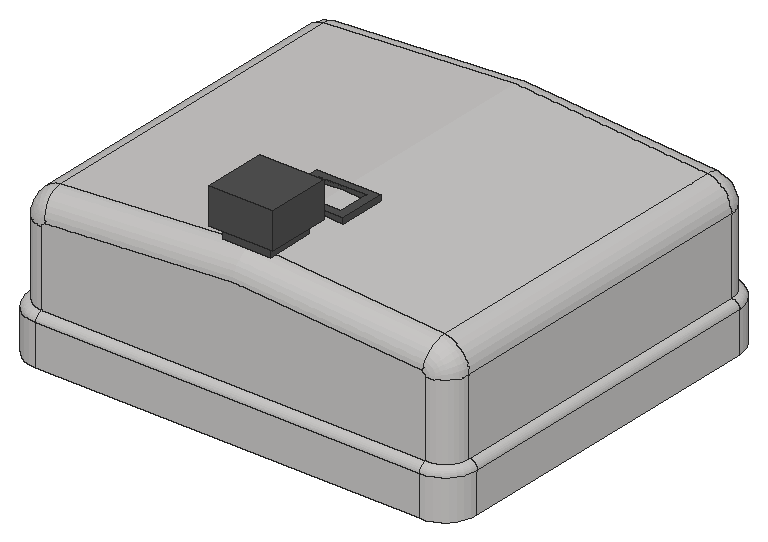
Revit family
Parameters (values of type "B-4112")
  offset [instance] = 0' - 0"
  Warranty Duration (Years) = 0
  Unit Width = 0' - 7"
  Unit Height = 0' - 6 1/8"
  Unit Depth = 0' - 2 9/16"
  URL = "http://www.bobrick.com/Pages/default.aspx"
  Specification = ""
  SpecWizard = ""
  Send Message = "http://www.arcat.com/users.pl?action=UserEmail&company=Bobrick+Washroom+Equipment,+Inc.&coid=30988&rep=156&fax=818-503-1930&mf="
  Sales Information = "http://www.bobrick.com/Pages/ContactUs.aspx"
  Revision = "R1_10-2012"
  Product Properties = ""
  Product Data = "http://arcat.com/arcatcos/cos30/arc30988.html?isac=1&r=1"
  Mounting Height [instance] = 3' - 9"
  Model = "B-4112"
  Manufacturer Website = "http://www.bobrick.com/Pages/default.aspx"
  Manufacturer Phone - Toll Free = ""
  Manufacturer Phone = "818-764-1000"
  Manufacturer Fax = "818-503-1930"
  Manufacturer Address = "11611 Hart St. North Hollywood, CA 91605-5882"
  Manufacturer = "Bobrick Washroom Equipment, Inc."
  Maintenance Schedule (Months) = 0
  Keynote = "102813"
  Installation-Fabrication = "http://www.bobrick.com/washroomaccessories/Pages/WashroomAccessories.aspx"
  Installation Phase = ""
  Green Building-LEED = ""
  Finish Material = Stainless Steel - Bobrick - Satin
  Expected Lifespan (Years) = 0
  Drawn By = "Sumex Design, Inc. / Robert S. Weygant, CSI, CDT, SCIP"
  Description = "Bobrick B-4112 Contura Series Surface Mounted Soap Dispenser"
  Default Elevation = 4' - 0"
  Copyright = "©Arcat Inc."
  Construction Details = ""
  Capacity = "40 fl oz"
  Assembly Code = "E1090900"
  Accessory Material = Paint - Bobrick - Black
Reference planes (in)
  plane 1 "Center (Front/Back)": y = 11.48625
  plane 2 "Bottom": z = 0
  plane 3 "Center (Left/Right)": x = 0
  plane 4 "Front": y = 8.42375
  plane 5 "Back": y = 14.54875
  plane 6 "Left": x = -3.5
  plane 7 "Right": x = 3.5
  plane 8 "Top": z = 2.5625
  plane 9 "FF": y = -30.45125
Forms (in)
  Sweep 1, solid, material "Stainless Steel - Bobrick - Satin" <- "Finish Material"
    path origin (0, 0, 0) x (1, 0, 0) y (0, 1, 0)
      loop
        arc (-3, 14.54875) -> (-3.35355, 14.4023) -> (-3.5, 14.04875) r 0.5
        line (-3.5, 14.04875) -> (-3.5, 8.92375)
        arc (-3.5, 8.92375) -> (-3.35355, 8.5702) -> (-3, 8.42375) r 0.5
        line (-3, 8.42375) -> (3, 8.42375)
        arc (3, 8.42375) -> (3.35355, 8.5702) -> (3.5, 8.92375) r 0.5
        line (3.5, 8.92375) -> (3.5, 14.04875)
        arc (3.5, 14.04875) -> (3.35355, 14.4023) -> (3, 14.54875) r 0.5
        line (3, 14.54875) -> (-3, 14.54875)
    profile origin (0, 14.54875, 0) x (0, 1, 0) y (0, 0, 1)
      loop
        arc (0, 0.625) -> (-0.03661, 0.71339) -> (-0.125, 0.75) r 0.125
        line (-0.125, 0.75) -> (-0.125, 0) -> (0, 0) -> (0, 0.625)
  Extrusion 2, solid, material "Paint - Bobrick - Black" <- "Accessory Material"
    sketch origin (0, 0, 0) x (1, 0, 0) y (0, 1, 0)
      loop
        line (-0.5, 9.67447) -> (-0.5, 8.67375) -> (0.5, 8.67375) -> (0.5, 9.67447) -> (-0.5, 9.67447)
    from 2.75 to 3.3125
  Extrusion 3, solid, material "Paint - Bobrick - Black" <- "Accessory Material"
    sketch origin (0, 0, 0) x (1, 0, 0) y (0, 1, 0)
      loop
        line (-0.5, 10.04947) -> (0.5, 10.04947) -> (0.5, 10.79947) -> (-0.5, 10.79947) -> (-0.5, 10.04947)
      loop
        line (-0.375, 10.17447) -> (0.375, 10.17447) -> (0.375, 10.67447) -> (-0.375, 10.67447) -> (-0.375, 10.17447)
    from 2.46349 to 2.61084
  Extrusion 4, solid, material "Paint - Bobrick - Black" <- "Accessory Material"
    sketch origin (0, 0, 2.61084) x (1, 0, 0) y (0, 1, 0)
      loop
        line (-0.375, 9.54875) -> (-0.375, 8.79863) -> (0.375, 8.79863) -> (0.375, 9.54875) -> (-0.375, 9.54875)
    from -0.04834 to 0.15968
  Sweep 5, solid, material "Stainless Steel - Bobrick - Satin" <- "Finish Material"
    path origin (0, 11.48625, 0) x (1, 0, 0) y (0, 0, 1)
      loop
        line (-3.375, 0) -> (-3.375, 1.922)
        arc (-3.375, 1.922) -> (-3.26745, 2.2093) -> (-2.99768, 2.35534) r 0.4375
        arc (-2.99768, 2.35534) -> (0, 2.5625) -> (2.99768, 2.35534) r 21.79256
        arc (2.99768, 2.35534) -> (3.26745, 2.2093) -> (3.375, 1.922) r 0.4375
        line (3.375, 1.922) -> (3.375, 0)
    profile origin (-3.375, 11.48625, 0.961) x (-1, 0, 0) y (0, -1, 0)
      loop
        line (0, -2.5625) -> (0, 2.5625)
        arc (0, 2.5625) -> (-0.10983, 2.82767) -> (-0.375, 2.9375) r 0.375
        line (-0.375, 2.9375) -> (-0.40625, 2.9375) -> (-0.40625, -2.9375) -> (-0.375, -2.9375)
        arc (-0.375, -2.9375) -> (-0.10983, -2.82767) -> (0, -2.5625) r 0.375
  Extrusion 6, solid, material "Stainless Steel - Bobrick - Satin" <- "Finish Material"
    sketch origin (0, 11.48625, 0) x (1, 0, 0) y (0, 0, 1)
      loop
        line (-2.96875, 0) -> (2.96875, 0) -> (2.96875, 1.922)
        arc (2.96875, 1.922) -> (2.96107, 1.94252) -> (2.9418, 1.95295) r 0.03125
        arc (2.9418, 1.95295) -> (0, 2.15625) -> (-2.9418, 1.95295) r 21.38631
        arc (-2.9418, 1.95295) -> (-2.96107, 1.94252) -> (-2.96875, 1.922) r 0.03125
        line (-2.96875, 1.922) -> (-2.96875, 0)
    from -2.9375 to 2.9375
Cuts and joins
  joined: Sweep 5, Extrusion 6
Dimensions and locks (in)
  equal spacing: plane 6 "Left", plane 3 "Center (Left/Right)", plane 7 "Right"
  "Unit Width": plane 6 "Left" to plane 7 "Right"
  equal spacing: plane 5 "Back", plane 1 "Center (Front/Back)", plane 4 "Front"
  "Unit Height": plane 5 "Back" to plane 4 "Front"
  "Unit Depth": plane 8 "Top" to level
  "Mounting Height": plane 5 "Back" to plane 9 "FF"
  Extrusion 2 sketch curve to Extrusion 2 sketch curve to plane 4 "Front" = 0' - 1.00072" locked, 0' - 0 1/4" locked
  Extrusion 4 sketch curve to Extrusion 4 sketch curve to plane 4 "Front" = 0' - 0.75012" locked, 0' - 0.37488" locked
  Extrusion 3 sketch curve to Extrusion 3 sketch curve to Extrusion 3 sketch curve to Extrusion 3 sketch curve to plane 4 "Front" = 0' - 0 1/8" locked, 0' - 0 1/2" locked, 0' - 0 1/8" locked, 0' - 1.62572" locked
  aligned and locked: Sweep 1 sketch curve to plane 5 "Back"
  aligned and locked: Sweep 1 sketch curve to plane 7 "Right"
  aligned and locked: Extrusion 4 to plane 8 "Top"
Automatic sketch dimensions
  Extrusion 2 sketch curve to plane 3 "Center (Left/Right)" = 0' - 0 1/2"
  plane 3 "Center (Left/Right)" to Extrusion 2 sketch curve = 0' - 0 1/2"
  Extrusion 3 sketch curve to plane 3 "Center (Left/Right)" = 0' - 0 1/2"
  plane 3 "Center (Left/Right)" to Extrusion 3 sketch curve = 0' - 0 1/2"
  Sweep 1 sketch curve to plane 6 "Left" = 0' - 0"
  Sweep 1 sketch curve to plane 4 "Front" = 0' - 0"
  plane 6 "Left" to Sweep 1 sketch curve = 0' - 0 1/2"  (x2)
  Sweep 1 sketch curve to plane 7 "Right" = 0' - 0 1/2"  (x2)
  Sweep 1 sketch curve to level = 0' - 0"
  profile plane to Sweep 1 sketch curve = 0' - 0 1/8"
  Sweep 1 sketch curve to profile plane = 0' - 0"
  level to Sweep 1 sketch curve = 0' - 0 5/8"
  Extrusion 3 sketch curve to Extrusion 3 sketch curve = 0' - 0 1/8"  (x2)
  Extrusion 3 to Extrusion 4 sketch curve = 0' - 0"
  Extrusion 4 sketch curve to Extrusion 3 = 0' - 0"
  Sweep 5 sketch curve to level = 0' - 0"  (x2)
  Sweep 5 sketch curve to plane 3 "Center (Left/Right)" = 0' - 0"
  plane 6 "Left" to Sweep 5 sketch curve = 0' - 0 9/16"
  Sweep 5 sketch curve to plane 8 "Top" = 0' - 0.20716"  (x2)
  Sweep 5 sketch curve to Sweep 5 sketch curve = 0' - 0.06018"  (x2)
  Sweep 5 sketch curve to Sweep 5 sketch curve = 0' - 0"
  Sweep 5 sketch curve to Sweep 5 sketch curve = 0' - 0 7/16"
  Sweep 5 sketch curve to plane 7 "Right" = 0' - 0 9/16"
  Sweep 5 sketch curve to profile plane = 0' - 0"
  profile plane to Sweep 5 sketch curve = 0' - 0 3/8"
  Sweep 5 sketch curve to plane 1 "Center (Front/Back)" = 0' - 2 15/16"
  plane 1 "Center (Front/Back)" to Sweep 5 sketch curve = 0' - 2 9/16"
  Sweep 5 sketch curve to Sweep 5 sketch curve = 0' - 0 3/8"
  Sweep 5 sketch curve to Sweep 5 sketch curve = 0' - 0 1/32"
  Extrusion 6 sketch curve to plane 3 "Center (Left/Right)" = 0' - 0"
  Extrusion 6 sketch curve to level = 0' - 0"
  plane 6 "Left" to Extrusion 6 sketch curve = 0' - 0 9/16"
  Extrusion 6 sketch curve to Extrusion 6 sketch curve = 0' - 0.0043"  (x2)
  Extrusion 6 sketch curve to Extrusion 6 sketch curve = 0' - 0"  (x2)
  Extrusion 6 sketch curve to Extrusion 6 sketch curve = 0' - 0 1/32"
  Extrusion 6 sketch curve to plane 7 "Right" = 0' - 0 9/16"
  Extrusion 6 sketch curve to level = 1' - 7.23006"
